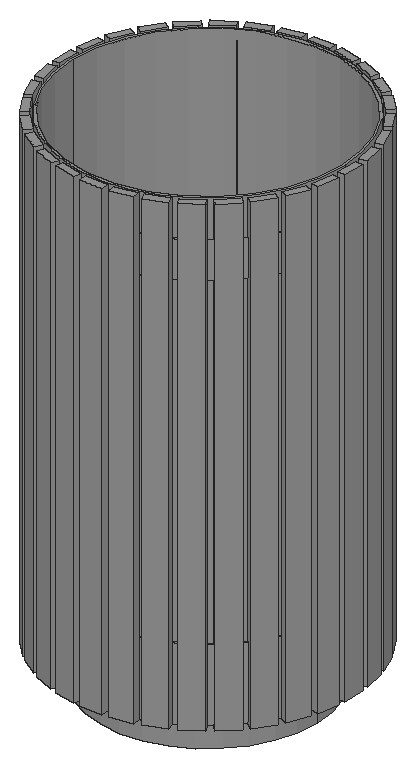
Revit family "Урна парковая «Эстель» круглая Арт 19807", category Антураж, Revit 2018
Family settings
  На основе рабочей плоскости = Нет
  Всегда вертикально = Да
  При загрузке вырезать с полостями = Нет
  Источник визуального образа = Геометрия семейства
  Общий = Нет
  Точка расчета площади = Нет
Parameters (values of type "Урна парковая «Эстель» круглая")
  Ширина = 400 mm  # constant formula
  Цвет отделки = Дерево
  Цвет каркаса = Сталь
  Описание = "Урна парковая «Эстель» круглая"  # constant formula
  Материал изделия = "Сталь, дерево"  # constant formula
  Изображение типоразмера = Урна парковая «Эстель» круглая Арт 19807.jpg
  Изготовитель = "ООО «Хоббика»"  # constant formula
  Длина = 400 mm  # constant formula
  Диаметр = 400 mm  # constant formula
  Группа модели = "Уличные урны"  # constant formula
  Высота = 695 mm  # constant formula
  Артикул товара = "Арт. 19807"  # constant formula
  URL = "https://hobbyka.ru/product/urna_parkovaya_estel_kruglaya/"
Reference planes
  plane 1 "По центру (Вперед/Назад)": y = 0
  plane 2: z = 0
  plane 3 "По центру (Влево/Вправо)": x = 0
  plane 4: y = 400
  plane 5: x = 400
  plane 6: z = 695
Forms (mm)
  Extrusion 1, solid, material "Сталь" <- "Цвет каркаса"
    sketch origin (0, 0, 0) x (1, 0, 0) y (0, 1, 0)
      loop
        circle (200, 200) r 150
      loop
        circle (200, 200) r 100
    from 0 to 50
  Extrusion 2, solid, material "Дерево" <- "Цвет отделки"
    sketch origin (0, 0, 0) x (1, 0, 0) y (0, 1, 0)
      loop
        line (383.423, 148.221) -> (393.231, 146.27) -> (399.083, 175.694) -> (389.276, 177.645) -> (383.423, 148.221)
      loop
        line (10.724, 222.355) -> (16.577, 251.779) -> (6.769, 253.73) -> (0.917, 224.306) -> (10.724, 222.355)
      loop
        line (251.779, 383.423) -> (253.73, 393.231) -> (224.306, 399.083) -> (222.355, 389.276) -> (251.779, 383.423)
      loop
        line (177.645, 10.724) -> (148.221, 16.577) -> (146.27, 6.769) -> (175.694, 0.917) -> (177.645, 10.724)
      loop
        line (293.086, 33.687) -> (298.642, 25.373) -> (323.586, 42.04) -> (318.03, 50.354) -> (293.086, 33.687)
      loop
        line (81.97, 349.646) -> (106.914, 366.313) -> (101.358, 374.627) -> (76.414, 357.96) -> (81.97, 349.646)
      loop
        line (366.313, 293.086) -> (374.627, 298.642) -> (357.96, 323.586) -> (349.646, 318.03) -> (366.313, 293.086)
      loop
        line (50.354, 81.97) -> (33.687, 106.914) -> (25.373, 101.358) -> (42.04, 76.414) -> (50.354, 81.97)
      loop
        line (349.646, 81.97) -> (357.96, 76.414) -> (374.627, 101.358) -> (366.313, 106.914) -> (349.646, 81.97)
      loop
        line (33.687, 293.086) -> (50.354, 318.03) -> (42.04, 323.586) -> (25.373, 298.642) -> (33.687, 293.086)
      loop
        line (318.03, 349.646) -> (323.586, 357.96) -> (298.642, 374.627) -> (293.086, 366.313) -> (318.03, 349.646)
      loop
        line (106.914, 33.687) -> (81.97, 50.354) -> (76.414, 42.04) -> (101.358, 25.373) -> (106.914, 33.687)
      loop
        line (222.355, 10.724) -> (224.306, 0.917) -> (253.73, 6.769) -> (251.779, 16.577) -> (222.355, 10.724)
      loop
        line (148.221, 383.423) -> (177.645, 389.276) -> (175.694, 399.083) -> (146.27, 393.231) -> (148.221, 383.423)
      loop
        line (389.276, 222.355) -> (399.083, 224.306) -> (393.231, 253.73) -> (383.423, 251.779) -> (389.276, 222.355)
      loop
        line (16.577, 148.221) -> (10.724, 177.645) -> (0.917, 175.694) -> (6.769, 146.27) -> (16.577, 148.221)
      loop
        line (390, 185) -> (400, 185) -> (400, 215) -> (390, 215) -> (390, 185)
      loop
        line (10, 185) -> (10, 215) -> (0, 215) -> (0, 185) -> (10, 185)
      loop
        line (215, 390) -> (215, 400) -> (185, 400) -> (185, 390) -> (215, 390)
      loop
        line (215, 10) -> (185, 10) -> (185, 0) -> (215, 0) -> (215, 10)
      loop
        line (323.744, 55.043) -> (330.815, 47.972) -> (352.028, 69.185) -> (344.957, 76.256) -> (323.744, 55.043)
      loop
        line (55.043, 323.744) -> (76.256, 344.957) -> (69.185, 352.028) -> (47.972, 330.815) -> (55.043, 323.744)
      loop
        line (344.957, 323.744) -> (352.028, 330.815) -> (330.815, 352.028) -> (323.744, 344.957) -> (344.957, 323.744)
      loop
        line (76.256, 55.043) -> (55.043, 76.256) -> (47.972, 69.185) -> (69.185, 47.972) -> (76.256, 55.043)
      loop
        line (369.797, 113.432) -> (379.036, 109.605) -> (390.516, 137.322) -> (381.277, 141.148) -> (369.797, 113.432)
      loop
        line (18.723, 258.852) -> (30.203, 286.568) -> (20.964, 290.395) -> (9.484, 262.678) -> (18.723, 258.852)
      loop
        line (286.568, 369.797) -> (290.395, 379.036) -> (262.678, 390.516) -> (258.852, 381.277) -> (286.568, 369.797)
      loop
        line (141.148, 18.723) -> (113.432, 30.203) -> (109.605, 20.964) -> (137.322, 9.484) -> (141.148, 18.723)
      loop
        line (258.852, 18.723) -> (262.678, 9.484) -> (290.395, 20.964) -> (286.568, 30.203) -> (258.852, 18.723)
      loop
        line (113.432, 369.797) -> (141.148, 381.277) -> (137.322, 390.516) -> (109.605, 379.036) -> (113.432, 369.797)
      loop
        line (381.277, 258.852) -> (390.516, 262.678) -> (379.036, 290.395) -> (369.797, 286.568) -> (381.277, 258.852)
      loop
        line (30.203, 113.432) -> (18.723, 141.148) -> (9.484, 137.322) -> (20.964, 109.605) -> (30.203, 113.432)
    from 50 to 695
  Sweep 3, solid, material "Сталь" <- "Цвет каркаса"
    path origin (0, 0, 0) x (1, 0, 0) y (0, 1, 0)
      loop
        circle (200, 200) r 190
    profile origin (200, 390, 0) x (0, -1, 0) y (0, 0, 1)
      loop
        line (0, 50) -> (100, 50) -> (100, 53) -> (3, 53) -> (3, 150) -> (0, 150) -> (0, 50)
      loop
        line (0, 595) -> (3, 595) -> (3, 645) -> (0, 645) -> (0, 595)
  Extrusion 4, solid, material "Цинк"
    sketch origin (0, 0, 0) x (1, 0, 0) y (0, 1, 0)
      loop
        circle (200, 200) r 187
      loop
        circle (200, 200) r 184
    from 53 to 695
  Extrusion 5, solid, material "Цинк"
    sketch origin (0, 0, 0) x (1, 0, 0) y (0, 1, 0)
      loop
        circle (200, 200) r 184
    from 53 to 56
Cuts and joins
  joined: Extrusion 4, Extrusion 5
Lines and regions (mm)
  reference lines
    curve 1: circle (200, 200, 0) r 200 normal (0, 0, 1)
Dimensions and locks
  "Длина": plane 3 "По центру (Влево/Вправо)" to plane 5
  "Ширина": plane 4 to plane 1 "По центру (Вперед/Назад)"
  "Высота": plane 6 to plane 2
  "Диаметр": diameter of curve 1
  aligned and locked: level to plane 2
Automatic sketch dimensions
  plane 3 "По центру (Влево/Вправо)" to curve 1 = 200 mm
  curve 1 to plane 1 "По центру (Вперед/Назад)" = 200 mm
  plane 3 "По центру (Влево/Вправо)" to Extrusion 1 sketch curve = 200 mm
  Extrusion 1 sketch curve to plane 1 "По центру (Вперед/Назад)" = 200 mm
  Extrusion 1 sketch curve to Extrusion 1 sketch curve = 0 mm  (x2)
  Extrusion 2 sketch curve to plane 3 "По центру (Влево/Вправо)" = 0 mm
  plane 1 "По центру (Вперед/Назад)" to Extrusion 2 sketch curve = 0 mm
  Extrusion 2 sketch curve to plane 4 = 0 mm
  Extrusion 2 sketch curve to plane 5 = 0 mm
  plane 3 "По центру (Влево/Вправо)" to Extrusion 2 sketch curve = 0.917 mm  (x2)
  plane 3 "По центру (Влево/Вправо)" to Extrusion 2 sketch curve = 6.769 mm  (x2)
  Extrusion 2 sketch curve to Extrusion 2 sketch curve = 2.715 mm  (x2)
  plane 3 "По центру (Влево/Вправо)" to Extrusion 2 sketch curve = 10 mm
  Extrusion 2 sketch curve to Extrusion 2 sketch curve = 0.724 mm  (x4)
  Extrusion 2 sketch curve to Extrusion 2 sketch curve = 2.145 mm  (x4)
  plane 3 "По центру (Влево/Вправо)" to Extrusion 2 sketch curve = 20.964 mm  (x2)
  Extrusion 2 sketch curve to Extrusion 2 sketch curve = 4.408 mm  (x4)
  Extrusion 2 sketch curve to Extrusion 2 sketch curve = 3.484 mm  (x4)
  Extrusion 2 sketch curve to Extrusion 2 sketch curve = 16.667 mm  (x4)
  Extrusion 2 sketch curve to Extrusion 2 sketch curve = 5.932 mm  (x5)
  Extrusion 2 sketch curve to Extrusion 2 sketch curve = 4.689 mm  (x6)
  Extrusion 2 sketch curve to Extrusion 2 sketch curve = 21.213 mm  (x4)
  Extrusion 2 sketch curve to Extrusion 2 sketch curve = 7.229 mm  (x7)
  Extrusion 2 sketch curve to plane 1 "По центру (Вперед/Назад)" = 50.354 mm  (x2)
  Extrusion 2 sketch curve to Extrusion 2 sketch curve = 5.713 mm  (x8)
  Extrusion 2 sketch curve to plane 4 = 50.354 mm  (x2)
  Extrusion 2 sketch curve to plane 1 "По центру (Вперед/Назад)" = 25.373 mm  (x2)
  Extrusion 2 sketch curve to Extrusion 2 sketch curve = 24.944 mm  (x2)
  Extrusion 2 sketch curve to plane 4 = 25.373 mm  (x2)
  Extrusion 2 sketch curve to plane 1 "По центру (Вперед/Назад)" = 20.964 mm
  Extrusion 2 sketch curve to Extrusion 2 sketch curve = 8.247 mm  (x8)
  Extrusion 2 sketch curve to plane 4 = 20.964 mm
  Extrusion 2 sketch curve to plane 1 "По центру (Вперед/Назад)" = 30.203 mm  (x2)
  Extrusion 2 sketch curve to Extrusion 2 sketch curve = 6.518 mm  (x8)
  Extrusion 2 sketch curve to plane 4 = 30.203 mm  (x2)
  Extrusion 2 sketch curve to plane 1 "По центру (Вперед/Назад)" = 9.484 mm  (x2)
  Extrusion 2 sketch curve to plane 4 = 9.484 mm  (x2)
  Extrusion 2 sketch curve to plane 4 = 6.769 mm
  Extrusion 2 sketch curve to Extrusion 2 sketch curve = 8.949 mm  (x8)
  Extrusion 2 sketch curve to plane 1 "По центру (Вперед/Назад)" = 6.769 mm
  Extrusion 2 sketch curve to plane 1 "По центру (Вперед/Назад)" = 16.577 mm  (x2)
  Extrusion 2 sketch curve to Extrusion 2 sketch curve = 7.073 mm  (x8)
  Extrusion 2 sketch curve to plane 4 = 16.577 mm  (x2)
  Extrusion 2 sketch curve to plane 4 = 0.917 mm  (x2)
  Extrusion 2 sketch curve to plane 1 "По центру (Вперед/Назад)" = 0.917 mm  (x2)
  Extrusion 2 sketch curve to Extrusion 2 sketch curve = 9.306 mm  (x6)
  Extrusion 2 sketch curve to Extrusion 2 sketch curve = 7.355 mm  (x6)
  Extrusion 2 sketch curve to Extrusion 2 sketch curve = 30 mm  (x4)
  Extrusion 2 sketch curve to plane 4 = 10 mm
  Extrusion 2 sketch curve to plane 4 = 10.724 mm
  Extrusion 2 sketch curve to plane 1 "По центру (Вперед/Назад)" = 10.724 mm
  Extrusion 2 sketch curve to plane 4 = 18.723 mm
  Extrusion 2 sketch curve to plane 1 "По центру (Вперед/Назад)" = 18.723 mm
  Extrusion 2 sketch curve to plane 4 = 33.687 mm
  Extrusion 2 sketch curve to plane 1 "По центру (Вперед/Назад)" = 33.687 mm
  Extrusion 2 sketch curve to plane 4 = 47.972 mm
  Extrusion 2 sketch curve to plane 1 "По центру (Вперед/Назад)" = 47.972 mm
  Extrusion 2 sketch curve to plane 5 = 18.723 mm  (x2)
  Extrusion 2 sketch curve to plane 5 = 10.724 mm  (x2)
  Extrusion 2 sketch curve to plane 5 = 6.769 mm  (x2)
  plane 3 "По центру (Влево/Вправо)" to Sweep 3 sketch curve = 200 mm
  Sweep 3 sketch curve to plane 1 "По центру (Вперед/Назад)" = 200 mm
  Sweep 3 sketch curve to profile plane = 0 mm
  Sweep 3 sketch curve to profile plane = 3 mm  (x2)
  Sweep 3 sketch curve to Sweep 3 sketch curve = 97 mm  (x2)
  level to Sweep 3 sketch curve = 50 mm
  Sweep 3 sketch curve to Sweep 3 sketch curve = 3 mm
  profile plane to Sweep 3 sketch curve = 0 mm
  Sweep 3 sketch curve to Sweep 3 sketch curve = 445 mm
  Sweep 3 sketch curve to Sweep 3 sketch curve = 50 mm
  plane 3 "По центру (Влево/Вправо)" to Extrusion 4 sketch curve = 200 mm
  Extrusion 4 sketch curve to plane 1 "По центру (Вперед/Назад)" = 200 mm
  plane 3 "По центру (Влево/Вправо)" to Extrusion 4 sketch curve = 13 mm
  Extrusion 4 sketch curve to Extrusion 4 sketch curve = 3 mm
  Extrusion 4 sketch curve to Extrusion 4 sketch curve = 0 mm  (x2)
  Extrusion 5 sketch curve to Extrusion 5 sketch curve = 0 mm  (x2)
  plane 3 "По центру (Влево/Вправо)" to Extrusion 5 sketch curve = 200 mm
  Extrusion 5 sketch curve to plane 1 "По центру (Вперед/Назад)" = 200 mm
  plane 3 "По центру (Влево/Вправо)" to Extrusion 5 sketch curve = 16 mm
  radius of Extrusion 1 sketch curve = 150 mm
  radius of Extrusion 1 sketch curve = 100 mm
  radius of Sweep 3 sketch curve = 190 mm
